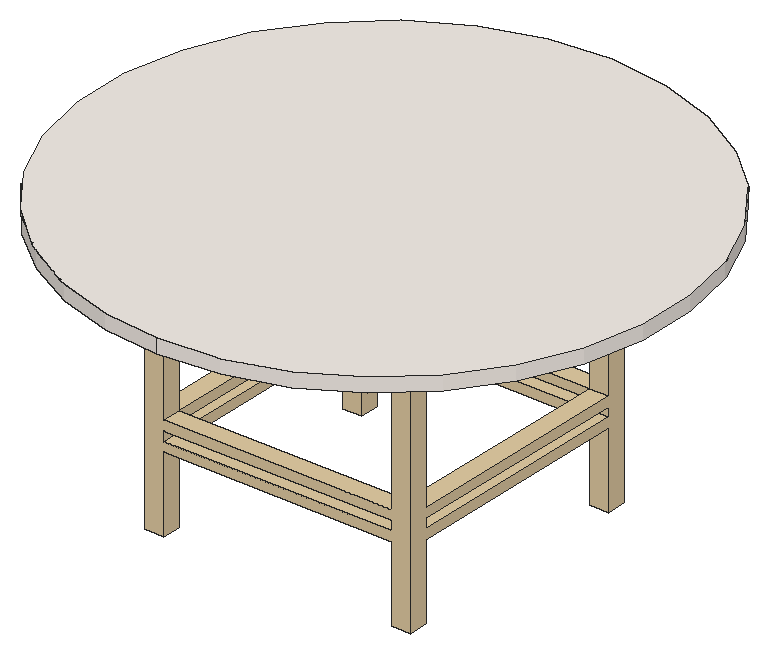
Revit family
Parameters (values of type "1525mm Diameter")
  Diameter = 1525.00 mm
  Height = 762.00 mm
  Base Material = Wood - Pine
  Top Material = Laminate - Linen, Matte
Types (4, lengths in mm): name | Diameter
  (no name) | 1525.00
  0915mm Diameter | 915.00
  1525mm Diameter | 1525.00
  2134mm Diameter | 2134.00
Reference planes
  plane 1 "Center (Front/Back)": y = -184.879
  plane 2: z = 0
  plane 3 "Center (Left/Right)": x = 103.682
  plane 4: y = 577.621
  plane 5: y = -947.379
  plane 6: x = -658.818
  plane 7: x = 866.182
  plane 8: x = -277.568
  plane 9: x = 484.932
  plane 10: y = 196.371
  plane 11: y = -566.129
  plane 12: z = 762
Forms (mm)
  Extrusion 1, solid, material "Wood - Pine" <- "Base Material"
    sketch origin (0, 0, 0) x (1, 0, 0) y (0, 1, 0)
      loop
        line (-277.568, 196.371) -> (-277.568, -566.129) -> (484.932, -566.129) -> (484.932, 196.371) -> (-277.568, 196.371)
      loop
        line (-252.168, 170.971) -> (-252.168, -540.729) -> (459.532, -540.729) -> (459.532, 170.971) -> (-252.168, 170.971)
    from 647.7 to 723.9
  Extrusion 2, solid, material "Wood - Pine" <- "Base Material"
    sketch origin (0, 0, 0) x (1, 0, 0) y (0, 1, 0)
      loop
        line (-252.168, 170.971) -> (-252.168, 120.171) -> (-201.368, 120.171) -> (-201.368, 170.971) -> (-252.168, 170.971)
      loop
        line (459.532, 170.971) -> (408.732, 170.971) -> (408.732, 120.171) -> (459.532, 120.171) -> (459.532, 170.971)
      loop
        line (459.532, -540.729) -> (459.532, -489.929) -> (408.732, -489.929) -> (408.732, -540.729) -> (459.532, -540.729)
      loop
        line (-252.168, -540.729) -> (-201.368, -540.729) -> (-201.368, -489.929) -> (-252.168, -489.929) -> (-252.168, -540.729)
    from 0 to 647.7
  Extrusion 3, solid, material "Wood - Pine" <- "Base Material"
    sketch origin (0, 0, 0) x (1, 0, 0) y (0, 1, 0)
      loop
        line (-252.168, 170.971) -> (-252.168, -540.729) -> (459.532, -540.729) -> (459.532, 170.971) -> (-252.168, 170.971)
      loop
        line (-201.368, 120.171) -> (-201.368, -489.929) -> (408.732, -489.929) -> (408.732, 120.171) -> (-201.368, 120.171)
    from 254 to 279.4
  Extrusion 4, solid, material "Wood - Pine" <- "Base Material"
    sketch origin (0, 0, 0) x (1, 0, 0) y (0, 1, 0)
      loop
        line (-252.168, 170.971) -> (-252.168, -540.729) -> (459.532, -540.729) -> (459.532, 170.971) -> (-252.168, 170.971)
      loop
        line (-201.368, 120.171) -> (-201.368, -489.929) -> (408.732, -489.929) -> (408.732, 120.171) -> (-201.368, 120.171)
    from 203.2 to 228.6
  Extrusion 5, solid, material "Laminate - Linen, Matte" <- "Top Material"
    sketch origin (0, 0, 762) x (0, -1, 0) y (-1, 0, 0)
      loop
        circle (184.879, -103.682) r 762.5
    from 0 to 38.1
Cuts and joins
  joined: Extrusion 2, Extrusion 3, Extrusion 4
Lines and regions (mm)
  Masking region 1
    outline origin (0, 0, 0) x (1, 0, 0) y (0, 1, 0)
      loop
        circle (103.682, -184.879) r 762.5
Dimensions and locks
  "Diameter": plane 6 to plane 7
  "Diameter": plane 5 to plane 4
  equal spacing: plane 6, plane 8, plane 3 "Center (Left/Right)", plane 9, plane 7
  equal spacing: plane 5, plane 11, plane 1 "Center (Front/Back)", plane 10, plane 4
  locked: Extrusion 1 sketch curve to Extrusion 1 sketch curve at 25.4  (x4)
  "Height": plane 12 to plane 2
  locked: Extrusion 2 sketch curve to Extrusion 2 sketch curve at 50.8  (x5)
  locked: Extrusion 1 to Extrusion 1 at 76.2
  aligned and locked: Extrusion 2 sketch curve to Extrusion 1  (x3)
  aligned and locked: plane 3 "Center (Left/Right)" to Extrusion 5 sketch curve
  aligned and locked: Extrusion 1 to Extrusion 5
  aligned and locked: Extrusion 2 to Extrusion 1
  aligned and locked: Masking region 1 sketch curve to Extrusion 5
  aligned: Masking region 1 sketch curve to Extrusion 5
Automatic sketch dimensions
  Extrusion 1 sketch curve to plane 8 = 0.00 mm
  Extrusion 1 sketch curve to plane 9 = 0.00 mm
  Extrusion 1 sketch curve to plane 11 = 0.00 mm
  Extrusion 1 sketch curve to plane 10 = 0.00 mm
  Extrusion 2 sketch curve to plane 8 = 25.40 mm  (x2)
  Extrusion 2 sketch curve to Extrusion 2 sketch curve = 50.80 mm  (x3)
  Extrusion 2 sketch curve to plane 11 = 25.40 mm
  plane 9 to Extrusion 2 sketch curve = 25.40 mm  (x2)
  Extrusion 3 sketch curve to plane 8 = 25.40 mm
  Extrusion 3 sketch curve to Extrusion 3 sketch curve = 50.80 mm  (x2)
  plane 9 to Extrusion 3 sketch curve = 76.20 mm
  plane 9 to Extrusion 3 sketch curve = 25.40 mm
  Extrusion 3 sketch curve to plane 11 = 25.40 mm
  Extrusion 3 sketch curve to plane 10 = 76.20 mm
  Extrusion 3 sketch curve to plane 10 = 25.40 mm
  Extrusion 4 sketch curve to plane 8 = 25.40 mm
  Extrusion 4 sketch curve to Extrusion 4 sketch curve = 50.80 mm  (x2)
  plane 9 to Extrusion 4 sketch curve = 76.20 mm
  plane 9 to Extrusion 4 sketch curve = 25.40 mm
  Extrusion 4 sketch curve to plane 11 = 25.40 mm
  Extrusion 4 sketch curve to plane 10 = 76.20 mm
  Extrusion 4 sketch curve to plane 10 = 25.40 mm
  Extrusion 5 sketch curve to plane 4 = 0.00 mm
  Extrusion 5 sketch curve to plane 1 "Center (Front/Back)" = 0.00 mm
